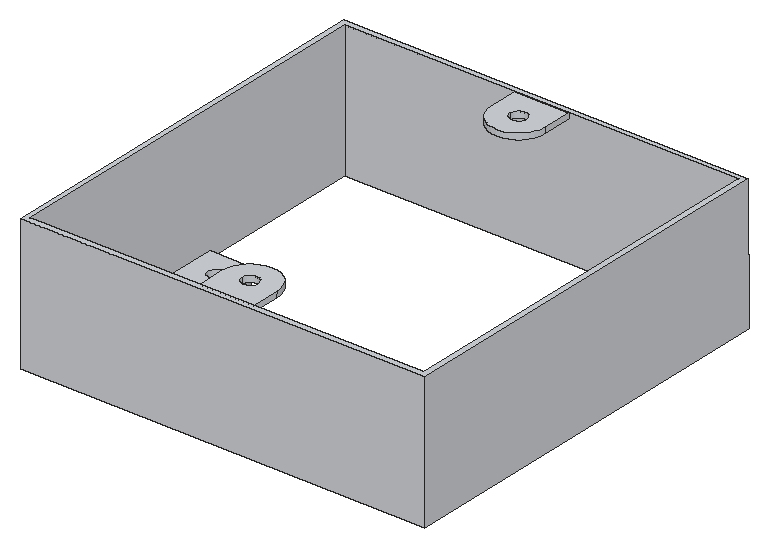
Revit family "EWS11", category Generic Models, Revit 2017
Family settings
  Can host rebar = No
  Round Connector Dimension = Use Diameter
  Part Type = Normal
  Work Plane-Based = Yes
  Always vertical = No
  Cut with Voids When Loaded = No
  Shared = No
  Room Calculation Point = No
Parameters (values of type "NBS Standard Parameters")
  Weight = "0.076Kg"
  WarrantyStartDate [instance] = "1900-12-31T23:59:59"
  WarrantyGuarantorParts = "n/a"
  WarrantyGuarantorLabor = "n/a"
  WarrantyDurationUnit = "1 year"
  WarrantyDurationParts = "n/a"
  WarrantyDurationLabor = "n/a"
  WarrantyDescription = "n/a"
  Version = "1"
  Uniclass2 = "Pr_65_72_97_84"
  TagNumber [instance] = "n/a"
  SustainabilityPerformance = "n/a"
  Size = "25mm"
  Shape = "Square"
  SerialNumber [instance] = "n/a"
  Revision = "n/a"
  ReplacementCost = "n/a"
  ProductInformation = "www.metpro.co.uk/pdf/ews11.pdf"
  NominalWidth = 75 mm
  NominalLength = 75 mm
  NominalHeight = 26.1 mm
  Name = ""
  NBSTypeID = ""
  NBSReference = "90-60-25/345"
  NBSOfficeMasterTag = ""
  NBSNote = ""
  NBSDescription = "Standard Socket Outlets"
  NBSCertification = ""
  ModelReference = "EWS11"
  ModelNumber = "n/a"
  Material = "Sheet Steel to Comply with BS4667"
  ManufacturerURL = "www.metpro.co.uk"
  ManufacturerName = "Metpro Ltd"
  Keynote = "Compliant to BS4662 & LU standard 1-085 ( For use on Surface & Sub-Surface Locations)"
  InstallationDate [instance] = "1900-12-31T23:59:59"
  IfcExportType = ""
  IfcExportAs = ""
  Grade = "n/a"
  Finish = "Pre Galvanised"
  Features = "n/a"
  ExpectedLife = "n/a"
  DurationUnit = "year"
  Description = "EWS11 - 25mm Extension Switch  &  Socket Box"
  Default Elevation = 1219.2 mm
  Constituents = "n/a"
  Color = "n/a"
  CodePerformance = "n/a"
  Category = "n/a"
  BarCode [instance] = "n/a"
  BIMObjectName = "Metpro_Metprolibrary_Standardsocketoutlets_switchandsocketboxes_metal"
  Author = "Metpro Limited"
  AssetType = ""
  AssetIdentifier [instance] = "n/a"
  AccessibilityPerformance = "n/a"
Reference planes
  plane 1 "Center (Front/Back)": y = 0
  plane 2: z = 0
  plane 3 "Center (Left/Right)": x = 0
Forms (mm)
  Extrusion 1, solid
    sketch origin (72.161, -10.058, 0) x (0, 1, 0) y (-1, 0, 0)
      loop
        line (85.058, -2.839) -> (85.058, 72.161) -> (10.058, 72.161) -> (10.058, -2.839) -> (85.058, -2.839)
      loop
        line (11.058, -1.839) -> (84.058, -1.839) -> (84.058, 71.161) -> (11.058, 71.161) -> (11.058, -1.839)
    from 0 to 25
  Extrusion 2, solid
    sketch origin (72.161, -10.058, 0) x (0, 1, 0) y (-1, 0, 0)
      loop
        arc (42.558, 65.764) -> (47.558, 60.764) -> (52.558, 65.764) r 5
        line (52.558, 65.764) -> (52.558, 71.161) -> (42.558, 71.161) -> (42.558, 65.764)
      loop
        circle (47.558, 65.764) r 1.528
      loop
        arc (52.558, 3.558) -> (47.558, 8.558) -> (42.558, 3.558) r 5
        line (42.558, 3.558) -> (42.558, -1.839) -> (52.558, -1.839) -> (52.558, 3.558)
      loop
        circle (47.558, 3.558) r 1.5
    from 0 to 1.4
  Extrusion 3, solid
    sketch origin (72.161, -10.058, 25) x (0, 1, 0) y (-1, 0, 0)
      loop
        line (16.455, 39.661) -> (11.058, 39.661) -> (11.058, 29.661) -> (16.455, 29.661)
        arc (16.455, 29.661) -> (21.455, 34.661) -> (16.455, 39.661) r 5
      loop
        circle (16.455, 34.661) r 1.528
      loop
        circle (78.66, 34.661) r 1.528
      loop
        arc (78.66, 39.661) -> (73.66, 34.661) -> (78.66, 29.661) r 5
        line (78.66, 29.661) -> (84.058, 29.661) -> (84.058, 39.661) -> (78.66, 39.661)
    from 0 to -1.028
Dimensions and locks
  aligned and locked: level to plane 2
